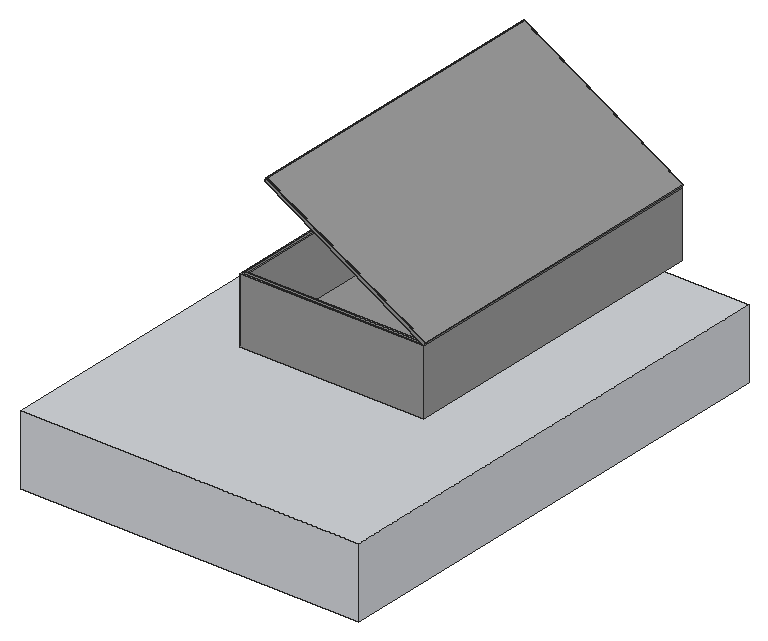
Revit family "Hager-Orion_Inox-IP66-D300-Cl.I-Inox_encl-630A-1400mm-PL-en", category Equipement électrique, Revit 2020
Family settings
  Hôte = Face
  Configuration du panneau = Deux colonnes, circuits au sein
  Cote de connecteur circulaire = Utiliser le diamètre
  Type d'élément = Tableau de raccordement
  Couper avec des vides une fois chargée = Non
  Partagée = Non
  Point de calcul de pièce = Non
Parameters (values of type "Surface mounted (plaster) IP66 W800 H1400 D300  - FL049BWL")
  Width Control [instance] = if([EF000008 - Width] > Min Width, [EF000008 - Width], Min Width)  # 800 mm
  Commentaires du type = [HG000003 - Range]  # "Orion Inox"
  Thickness Door [instance] = if([EF009171 - Material plate thickness door/cover] > 3 mm, 3 mm, [EF009171 - Material plate thickness door/cover])  # 1.5 mm
  Seal Frame Offset [instance] = 17 mm  # constant formula
  Model = ""
  Min Width [instance] = 100 mm  # constant formula
  Min Height [instance] = 100 mm  # constant formula
  Min Depth [instance] = (2 * [EF009170 - Material plate thickness cabinet]) + 1 mm  # 4 mm
  Internal Frame Depth [instance] = (Door System Depth * 0.5)  # 9 mm
  Height Control [instance] = if([EF000040 - Height] > Min Height, [EF000040 - Height], Min Height)  # 1400 mm
  HG000027 - Plinth height = 0 mm
  HG000026 - Floor standing = no
  HG000024 - Bottom section height = 800 mm
  HG000023 - Double section enclosure = no
  HG000016 - Door 3d visibility [instance] = yes
  HG000015 - Clearance visibility [instance] = no
  HG000014 - Door on the right [instance] = yes
  HG000013 - Door on the left [instance] = not([HG000014 - Door on the right])  # no
  HG000012 - Door swing angle [instance] = 30.00°
  HG000010 - Asymmetric doors = no
  HG000009 - Double swing door = no
  HG000006 - Flush mounted = no
  HG000004 - Manufacturer reference = "FL049BWL"
  HG000003 - Range = "Orion Inox"
  HG000002 - With door or cover = yes
  Frame Offset Bottom [instance] = 10 mm  # constant formula
  Frame Offset [instance] = 15 mm  # constant formula
  EF015940 - Cover with overpressure release = no
  EF011959 - Degree of protection (NEMA) = ""
  EF009554 - Number of openings for flange plates = 0
  EF009212 - Cover model = "EV000116 - Closed"
  EF009171 - Material plate thickness door/cover = 1.5 mm
  EF009170 - Material plate thickness cabinet = 1.5 mm
  Fabricant = "Hager"  # constant formula
  EF008873 - Nominal current (In) = 630 A
  EF007800 - Suitable for lightning protection = no
  EF006306 - With lock = yes
  EF006244 - Transparent cover/door = no
  EF005474 - Degree of protection (IP) = "EV006422 - IP66"
  EF004464 - Type of door = "EV002646 - Single"
  EF004427 - Number of modules = 0
  EF004293 - Impact strength = "EV008784 - IK10"
  EF003532 - Suitable for outdoor use = yes
  EF002950 - Width in number of modular spacings = 0
  EF001613 - Circuit integrity = "EV000494 - None"
  EF001596 - Material housing = "EV000166 - Stainless steel"
  EF001131 - Internal depth = 266 mm
  EF001088 - Extension possible = yes
  EF000437 - Number of conduit inlets = 0
  EF000339 - Type of cover = "EV004216 - Door"
  EF000266 - Number of rows = 0
  EF000218 - Built-in depth = 0 mm
  EF000118 - With mounting plate = no
  EF000116 - RAL-number = ""
  EF000049 - Depth = 300 mm
  EF000040 - Height = 1400 mm
  EF000008 - Width = 800 mm
  EF000007 - Colour = "EV000154 - Other"
  EF000003 - Mounting method = "EV000384 - Surface mounted (plaster)"
  Door System Leaf Tolerance [instance] = 1.5 mm  # constant formula
  Door System Depth [instance] = 18 mm  # constant formula
  Depth Control [instance] = if([EF000049 - Depth] > Min Depth, [EF000049 - Depth], Min Depth)  # 300 mm
  Default Elevation = 0 mm
Types (2, lengths in mm): name | HG000004 - Manufacturer reference
  Surface mounted (plaster) IP66 W800 H1400 D300  - FL049BW | "FL049BW"
  Surface mounted (plaster) IP66 W800 H1400 D300  - FL049BWL | "FL049BWL"
Reference planes
  plane 1 "Center (Front/Back)": y = 0
  plane 2: z = 0
  plane 3 "Center (Left/Right)": x = 0
  plane 4: z = 300
  plane 5: y = 1.5
  plane 6: y = 700
  plane 7: y = 0
  plane 8: y = 1400
  plane 9: z = 0
  plane 10: x = -385
  plane 11: x = 385
  plane 12: x = 383.5
  plane 13: x = -383.5
  plane 14: y = 1398.5
  plane 15: x = -383
  plane 16: x = -400
  plane 17: x = 383
  plane 18: x = 400
  plane 19: x = 398.5
  plane 20: x = -398.5
  plane 21: y = 11.5
  plane 22: y = 1400
  plane 23: y = 1383.5
  plane 24: z = 282
  plane 25: z = 1.5
  plane 26: z = 280.5
  plane 27: z = 298.5
Forms (mm)
  Extrusion 1, solid
    sketch origin (0, 0, 0) x (1, 0, 0) y (0, 1, 0)
      loop
        line (-702.964, 1305) -> (-702.964, -811.445) -> (766.763, -811.445) -> (766.763, 1305) -> (-702.964, 1305)
    from 0 to -304.8
  Extrusion 2, solid, material "Hager_Stainless_Steel", detail levels medium+fine
    sketch origin (0, 0, 0) x (1, 0, 0) y (0, 1, 0)
      loop
        line (-400, 0) -> (400, 0) -> (400, 1400) -> (-400, 1400) -> (-400, 0)
    from 0 to 282
  Extrusion 3, solid, material "Hager_Steel_RAL 7035_Light_Grey", not visible, detail levels medium+fine
    sketch origin (0, 28.16, 50.802) x (0, 1, 0) y (0, 0, 1)
      loop
        line (723.34, -50.802) -> (723.34, 237.698)
        arc (723.34, 237.698) -> (720.411, 244.769) -> (713.34, 247.698) r 10
        line (713.34, 247.698) -> (683.34, 247.698) -> (683.34, -50.802) -> (723.34, -50.802)
    from -398.5 to 398.5
  Extrusion 4, void
    sketch origin (0, 0, 0) x (1, 0, 0) y (0, 1, 0)
      loop
        line (-398.5, 1.5) -> (398.5, 1.5) -> (398.5, 1398.5) -> (-398.5, 1398.5) -> (-398.5, 1.5)
    from 1.5 to 280.5
  Extrusion 5, void
    sketch origin (-381.607, -4572, 282) x (0, -1, 0) y (-1, 0, 0)
      loop
        line (-4583.5, 1.893) -> (-5955.5, 1.893) -> (-5955.5, -765.107) -> (-4583.5, -765.107) -> (-4583.5, 1.893)
    from 0 to 1.5 <- "EF009170 - Material plate thickness cabinet"
  Extrusion 6, solid, material "Hager_Stainless_Steel", detail levels fine
    sketch origin (-381.607, -4572, 282) x (-1, 0, 0) y (0, -1, 0)
      loop
        line (1.893, -4583.5) -> (-765.107, -4583.5) -> (-765.107, -5955.5) -> (1.893, -5955.5) -> (1.893, -4583.5)
      loop
        line (2.893, -4582) -> (-766.107, -4582) -> (-766.107, -5957) -> (2.893, -5957) -> (2.893, -4582)
    from 0 to 9 <- "Internal Frame Depth"
  Extrusion 7, solid, material "Hager_Stainless_Steel", detail levels coarse
    sketch origin (0, 0, 0) x (1, 0, 0) y (0, 1, 0)
      loop
        line (-400, 0) -> (400, 0) -> (400, 1400) -> (-400, 1400) -> (-400, 0)
    from 0 to 300
Cuts and joins
  Extrusion 4, Extrusion 5 cuts Extrusion 2
Lines and regions (mm)
  Masking region 1
    outline origin (0, 0, 0) x (1, 0, 0) y (0, 0, 1)
      loop
        line (-400, 300) -> (-400, 0) -> (400, 0) -> (400, 300) -> (-400, 300)
  Masking region 2, detail levels medium+fine
    outline origin (0, 140, 0) x (0, 1, 0) y (0, 0, 1)
      loop
        line (-140, 0) -> (1260, 0) -> (1260, 282) -> (-140, 282) -> (-140, 0)
  Masking region 3, not visible, detail levels medium+fine
    outline origin (0, 297.922, 0) x (0, 1, 0) y (0, 0, 1)
      loop
        line (413.578, 0) -> (453.578, 0) -> (453.578, 288.5)
        arc (453.578, 288.5) -> (450.649, 295.571) -> (443.578, 298.5) r 10
        line (443.578, 298.5) -> (413.578, 298.5) -> (413.578, 0)
  Masking region 4, detail levels coarse
    outline origin (0, 0, 180) x (0, 1, 0) y (0, 0, 1)
      loop
        line (0, -180) -> (1400, -180) -> (1400, 120) -> (0, 120) -> (0, -180)
  Masking region 5
    outline origin (-381.607, -4572, 282) x (-1, 0, 0) y (0, -1, 0)
      loop
        line (18.393, -5972) -> (18.393, -4572) -> (-781.607, -4572) -> (-781.607, -5972) -> (18.393, -5972)
Dimensions and locks
  "Depth Control": plane 4 to Extrusion 1
  "EF009170 - Material plate thickness cabinet": plane 5 to plane 7
  locked: connector elem to plane 3 "Center (Left/Right)"
  equal spacing: plane 8, plane 6, plane 7
  locked: connector elem to plane 6
  "EF009170 - Material plate thickness cabinet": plane 8 to plane 14
  "EF009170 - Material plate thickness cabinet": plane 10 to plane 13
  "EF009170 - Material plate thickness cabinet": plane 12 to plane 11
  "Frame Offset": plane 20 to plane 13
  "Frame Offset": plane 12 to plane 19
  "EF009170 - Material plate thickness cabinet": plane 16 to plane 20
  "EF009170 - Material plate thickness cabinet": plane 19 to plane 18
  "Seal Frame Offset": plane 16 to plane 15
  "Seal Frame Offset": plane 17 to plane 18
  "Frame Offset Bottom": plane 21 to plane 5
  "Frame Offset": plane 14 to plane 23
  equal spacing: plane 16, plane 3 "Center (Left/Right)", plane 18
  "Width Control": plane 16 to plane 18
  "EF009170 - Material plate thickness cabinet": plane 4 to plane 27
  "EF009170 - Material plate thickness cabinet": plane 24 to plane 26
  "EF009170 - Material plate thickness cabinet": plane 25 to level
  "Door System Depth": plane 4 to plane 24
  "Height Control": plane 1 "Center (Front/Back)" to Extrusion 7 sketch curve
  "Height Control": Masking region 4 sketch curve to plane 1 "Center (Front/Back)"
  "Thickness Door": Extrusion 6 sketch curve to plane 15
  "Thickness Door": plane 21 to Extrusion 6 sketch curve
  "Thickness Door": plane 17 to Extrusion 6 sketch curve
  "Thickness Door": Extrusion 6 sketch curve to plane 23
  "Height Control": plane 1 "Center (Front/Back)" to plane 22
  radius of Masking region 3 sketch curve = 10 mm
  radius of Extrusion 3 sketch curve = 10 mm
  aligned and locked: plane 2 to Extrusion 1
  aligned and locked: level to Extrusion 1
  aligned and locked: level to Masking region 1 sketch curve
  aligned and locked: Masking region 1 sketch curve to plane 18
  aligned and locked: Masking region 1 sketch curve to plane 16
  aligned and locked: plane 7 to Masking region 2 sketch curve
  aligned and locked: level to Masking region 3 sketch curve
  aligned and locked: Masking region 3 sketch curve to plane 27
  aligned and locked: level to Masking region 2 sketch curve
  aligned and locked: Extrusion 2 sketch curve to plane 7
  aligned and locked: plane 16 to Extrusion 2 sketch curve
  aligned and locked: plane 18 to Extrusion 2 sketch curve
  aligned and locked: Extrusion 3 sketch curve to level
  aligned and locked: plane 27 to Extrusion 3 sketch curve
  aligned and locked: plane 20 to Extrusion 3
  aligned and locked: plane 19 to Extrusion 3
  aligned and locked: plane 20 to Extrusion 4 sketch curve
  aligned and locked: plane 19 to Extrusion 4 sketch curve
  aligned and locked: Extrusion 4 sketch curve to plane 5
  aligned and locked: Extrusion 4 to plane 25
  aligned and locked: plane 26 to Extrusion 4
  aligned and locked: plane 24 to Extrusion 2
  aligned and locked: Extrusion 5 sketch curve to plane 21
  aligned and locked: Extrusion 5 sketch curve to plane 13
  aligned and locked: Extrusion 5 sketch curve to plane 12
  aligned and locked: plane 18 to Extrusion 7 sketch curve
  aligned and locked: plane 1 "Center (Front/Back)" to Extrusion 7 sketch curve
  aligned and locked: plane 16 to Extrusion 7 sketch curve
  aligned and locked: plane 4 to Extrusion 7
  aligned and locked: Extrusion 7 to level
  aligned and locked: level to Masking region 4 sketch curve
  aligned and locked: Masking region 4 sketch curve to plane 1 "Center (Front/Back)"
  aligned and locked: Masking region 4 sketch curve to plane 4
  aligned and locked: nested 1 to level
  aligned and locked: nested 1 to plane 16
  aligned and locked: plane 8 to Extrusion 2 sketch curve
  aligned and locked: plane 23 to Extrusion 5 sketch curve
  aligned and locked: plane 14 to Extrusion 4 sketch curve
  aligned and locked: Extrusion 6 sketch curve to plane 21
  aligned and locked: plane 13 to Extrusion 6 sketch curve
  aligned and locked: plane 23 to Extrusion 6 sketch curve
  aligned and locked: plane 12 to Extrusion 6 sketch curve
  aligned and locked: Masking region 2 sketch curve to plane 8
  aligned and locked: Masking region 2 sketch curve to plane 24
  aligned and locked: nested 2 to plane 3 "Center (Left/Right)"
  aligned and locked: nested 2 to plane 24
  aligned and locked: Masking region 5 sketch curve to plane 1 "Center (Front/Back)"
  aligned and locked: Masking region 5 sketch curve to plane 18
  aligned and locked: Masking region 5 sketch curve to plane 22
  aligned and locked: Masking region 5 sketch curve to plane 16
  aligned and locked: plane 8 to plane 22
  aligned and locked: plane 7 to plane 1 "Center (Front/Back)"
  aligned and locked: nested 2 to plane 1 "Center (Front/Back)"
Automatic sketch dimensions
  Extrusion 1 sketch curve to Extrusion 1 sketch curve = 1469.727 mm
  Extrusion 1 sketch curve to Extrusion 1 sketch curve = 2116.445 mm
  plane 6 to Masking region 3 sketch curve = 11.5 mm
  Masking region 3 sketch curve to Masking region 3 sketch curve = 30 mm
  plane 6 to Extrusion 3 sketch curve = 11.5 mm
  Extrusion 3 sketch curve to Extrusion 3 sketch curve = 30 mm
  Masking region 1 sketch curve to plane 4 = 0 mm
Nested families
  nested 1: "Hager_Enclosure_Symbol" at (-400, 0, 0) x (1, 0, 0) z (0, -1, 0), Height <- "Depth Control", Width <- "Width Control", type "Hager_Enclosure_Symbol"
    with Width_Ctrl 800 mm, Width 800 mm, Height_Ctrl 300 mm, Height 300 mm, A_Width_Int 19.688 mm, A_Width 236.25 mm, A_Height_Ctrl 262.5 mm, A_Height 262.5 mm
  nested 2: "EC000058_OrionInox_Door" at (0, 1400, 282) x (1, 0, 0) z (0, -1, 0), Leaf_Tolerance <- "Door System Leaf Tolerance", Angle <- "HG000012 - Door swing angle", Door_Depth <- "Door System Depth", Door_Left <- "HG000013 - Door on the left", Transparent <- "EF006244 - Transparent cover/door", Assymetrical <- "HG000010 - Asymmetric doors", Width <- "Width Control", Clearance <- "HG000015 - Clearance visibility", Double <- "HG000009 - Double swing door", 3d_Door <- "HG000016 - Door 3d visibility", Width_Ctrl <- "Width Control", Door_Right <- "HG000014 - Door on the right", Door <- "HG000002 - With door or cover", Height <- "Height Control", Thickness <- "Thickness Door", type "EC000058_OrionInox_Door", detail levels medium+fine
    with min_wh 4 mm, Width_Ctrl 800 mm, Width 800 mm, Transparent no, Thickness 1.5 mm, Seal_Material Hager_Rubber, Leaf_Width 800 mm, Leaf_Tolerance_External_Sides 0 mm, Leaf_Tolerance 1.5 mm, Leaf_Offset 0 mm, Leaf_Height 1397 mm, Leaf_2_Width 800 mm, Leaf_2_Offset 400 mm, Leaf_1_Width 800 mm, Leaf_1_Offset 400 mm, Height_Ctrl 1400 mm, Height 1400 mm, Glass_Material Hager_Glass, Double_Clearance_Ctrl no, Double no, Door_Right_Ctrl yes, Door_Right yes, Door_Material Hager_Stainless_Steel, Door_Left_Ctrl no, Door_Left no, Door_Depth 18 mm, Door yes, Clearance_Material Hager_Clearance, Clearance_Depth 800 mm, Clearance_Ctrl no, Clearance no, Assymetrical no, Angle 30.00°, 3d_Door yes
Connectors
  electrical at (0, 700, 0)
    settings: on plane 9, index 1, voltage 0 V, apparent load 0 VA, apparent load phase1 0 VA, apparent load phase2 0 VA, apparent load phase3 0 VA, power factor 1, load classification "Other", number of poles 1, system type 30, power factor state 1, is connector primary yes, connector utility no, sub classification motor no, connector description ""
Definition of nested family "EC000058_OrionInox_Door"
  Parameters (values of type "EC000058_OrionInox_Door")
    min_wh [instance] = (2 * Thickness) + 1 mm  # 11 mm
    Width_Ctrl [instance] = 400 mm
    Width [instance] = 500 mm
    Transparent [instance] = yes
    Thickness [instance] = 5 mm
    Seal_Material [instance] = none
    Leaf_Width [instance] = if((Width_Ctrl - 2 * Leaf_Tolerance_External_Sides) > 0 mm, (Width_Ctrl - 2 * Leaf_Tolerance_External_Sides), min_wh)  # 400 mm
    Leaf_Tolerance_External_Sides [instance] = 0 mm  # constant formula
    Leaf_Tolerance [instance] = 1.5 mm
    Leaf_Offset [instance] = 0 mm  # constant formula
    Leaf_Height [instance] = if((Height_Ctrl - 2 * Leaf_Tolerance) > 0 mm, (Height_Ctrl - 2 * Leaf_Tolerance), min_wh)  # 497 mm
    Leaf_2_Width [instance] = if(and(and(Double, Assymetrical), Door_Left), (Leaf_Width / 3) - (Leaf_Tolerance / 2), if(and(and(Double, Assymetrical), Door_Right), (Leaf_Width / 3) * 2 - (Leaf_Tolerance / 2), if(and(Double, not(Assymetrical)), (Leaf_Width / 2) - Leaf_Tolerance, Leaf_Width)))  # 400 mm
    Leaf_2_Offset [instance] = if(and(Double, Assymetrical), Leaf_2_Width / 2, if(and(Double, not(Assymetrical)), Leaf_Width / 4, Leaf_Width / 2))  # 200 mm
    Leaf_1_Width [instance] = if(and(and(Double, Assymetrical), Door_Right), (Leaf_Width / 3) - (Leaf_Tolerance / 2), if(and(and(Double, Assymetrical), Door_Left), (Width / 3) * 2 - (Leaf_Tolerance / 2), if(and(Double, not(Assymetrical)), (Leaf_Width / 2) - Leaf_Tolerance, Leaf_Width)))  # 400 mm
    Leaf_1_Offset [instance] = if(and(Double, Assymetrical), Leaf_1_Width / 2, if(and(Double, not(Assymetrical)), Leaf_Width / 4, Leaf_Width / 2))  # 200 mm
    Height_Ctrl [instance] = if(Height > min_wh, Height, min_wh)  # 500 mm
    Height [instance] = 500 mm
    Glass_Material [instance] = none
    Double_Clearance_Ctrl [instance] = and(Double, Clearance)  # no
    Double [instance] = no
    Door_Right_Ctrl [instance] = and(or(Door_Right, Double), Door)  # yes
    Door_Right [instance] = yes
    Door_Material [instance] = none
    Door_Left_Ctrl [instance] = and(or(Door_Left, Double), Door)  # no
    Door_Left [instance] = no
    Door_Depth [instance] = 30 mm
    Door [instance] = yes
    Default Elevation = 1219.2 mm
    Clearance_Material [instance] = none
    Clearance_Depth [instance] = if(Leaf_1_Width > Leaf_2_Width, Leaf_1_Width, Leaf_2_Width)  # 400 mm
    Clearance_Ctrl [instance] = and(not(Double), Clearance)  # yes
    Clearance [instance] = yes
    Assymetrical [instance] = yes
    Angle [instance] = 30.00°
    3d_Door [instance] = yes
  Reference planes
    plane 1 "Center (Front/Back)": y = 0
    plane 2 "Bottom": z = 0
    plane 3 "Center (Left/Right)": x = 0
    plane 4: z = 500
    plane 5: x = -200
    plane 6: x = 200
    plane 7: z = 500
    plane 8: x = -200
    plane 9: z = 0
    plane 10: x = 200
    plane 11: y = 0
    plane 12: z = 1.5
    plane 13: x = -600
    plane 14: y = -400
    plane 15: x = 600
    plane 16: x = 0
    plane 17: x = 0
    plane 18: x = -200
    plane 19: x = 200
    plane 20: z = 498.5
  Forms (mm)
    Extrusion 1, solid, material <- "Clearance_Material", visible <- "Double_Clearance_Ctrl"
      sketch origin (1200, 0, 0) x (1, 0, 0) y (0, 0, -1)
        loop
          line (-1800, -498.5) -> (-600, -498.5) -> (-600, 0) -> (-1800, 0) -> (-1800, -498.5)
      from 0 to -400
  Dimensions and locks
    equal spacing: plane 5, plane 3 "Center (Left/Right)", plane 6
    "Width_Ctrl": plane 5 to plane 6
    "Leaf_Offset": plane 5 to plane 8
    "Leaf_Offset": plane 6 to plane 10
    "Leaf_Offset": plane 9 to level
    "Leaf_Offset": plane 4 to plane 7
    "Height_Ctrl": plane 4 to level
    "Leaf_Tolerance": plane 12 to plane 9
    locked: plane 11 to plane 1 "Center (Front/Back)"
    "Leaf_1_Offset": plane 18 to plane 16
    "Leaf_2_Offset": plane 17 to plane 19
    "Leaf_1_Width": plane 13 to plane 8
    "Leaf_2_Width": plane 10 to plane 15
    "Clearance_Depth": plane 14 to plane 1 "Center (Front/Back)"
    "Leaf_Tolerance_External_Sides": plane 8 to plane 18
    "Leaf_Tolerance_External_Sides": plane 19 to plane 10
    "Leaf_Tolerance": plane 7 to plane 20
    aligned and locked: level to plane 2 "Bottom"
    aligned and locked: nested 1 to plane 16
    aligned and locked: nested 2 to plane 17
    aligned and locked: Extrusion 1 to plane 13
    aligned and locked: plane 15 to Extrusion 1
    aligned and locked: Extrusion 1 to plane 14
    aligned and locked: plane 12 to nested 1
    aligned and locked: nested 2 to plane 12
    aligned and locked: Extrusion 1 to plane 11
    aligned and locked: plane 20 to Extrusion 1
    aligned and locked: nested 2 to plane 11
    aligned and locked: nested 1 to plane 11
  Automatic sketch dimensions
    Extrusion 1 sketch curve to level = 0 mm
    plane 5 to Extrusion 1 sketch curve = 400 mm
    plane 6 to Extrusion 1 sketch curve = 400 mm
    Extrusion 1 sketch curve to plane 4 = 1.5 mm
  Nested families
    nested 1: "EC000058_OrionInox_Door_Leaf" at (0, 0, 1.5), Width <- "Leaf_1_Width", visible <- "Door_Left_Ctrl", Leaf_Height <- "Leaf_Height", Angle <- "Angle", 3d_Door <- "3d_Door", Transparent <- "Transparent", Clearance Material <- "Clearance_Material", Clearance <- "Clearance_Ctrl", Door_Material <- "Door_Material", Glass_Material <- "Glass_Material", Door_Depth <- "Door_Depth", Seal_Material <- "Seal_Material", Thickness <- "Thickness", type "EC000058_OrionInox_Door_Leaf"
      with Width 400 mm, Transparent_Ctrl yes, Transparent yes, Thickness 5 mm, Standard no, Seal_Material none, Seal_D2 8 mm, Seal_D1 1 mm, Offset_Internal_Frame 10 mm, Lock_Width 28 mm, Lock_Thickness 2 mm, Lock_Radius 6 mm, Leaf_Height 497 mm, Internal_Seal_Thickness 8 mm, Internal_Seal_Depth_2 4.5 mm, Internal_Frame_Depth 25 mm, Glass_Thickness -1 mm, Glass_Offset -2 mm, Glass_Material none, Door_Material none, Door_Depth 30 mm, Clearance Material none, Clearance yes, Angle_Ctrl 30.00°, Angle 30.00°, 3d_Door yes
    nested 2: "EC000058_OrionInox_Door_Leaf" at (0, 0, 1.5) x (-1, 0, 0) z (0, 0, 1), Width <- "Leaf_2_Width", visible <- "Door_Right_Ctrl", Leaf_Height <- "Leaf_Height", Angle <- "Angle", 3d_Door <- "3d_Door", Transparent <- "Transparent", Clearance Material <- "Clearance_Material", Clearance <- "Clearance_Ctrl", Door_Material <- "Door_Material", Glass_Material <- "Glass_Material", Door_Depth <- "Door_Depth", Seal_Material <- "Seal_Material", Thickness <- "Thickness", type "EC000058_OrionInox_Door_Leaf"
      with Width 400 mm, Transparent_Ctrl yes, Transparent yes, Thickness 5 mm, Standard no, Seal_Material none, Seal_D2 8 mm, Seal_D1 1 mm, Offset_Internal_Frame 10 mm, Lock_Width 28 mm, Lock_Thickness 2 mm, Lock_Radius 6 mm, Leaf_Height 497 mm, Internal_Seal_Thickness 8 mm, Internal_Seal_Depth_2 4.5 mm, Internal_Frame_Depth 25 mm, Glass_Thickness -1 mm, Glass_Offset -2 mm, Glass_Material none, Door_Material none, Door_Depth 30 mm, Clearance Material none, Clearance yes, Angle_Ctrl 30.00°, Angle 30.00°, 3d_Door yes
  Definition of nested family "EC000058_OrionInox_Door_Leaf"
    Parameters (values of type "EC000058_OrionInox_Door_Leaf")
      Width [instance] = 450 mm
      Transparent_Ctrl [instance] = and(Transparent, [3d_Door])  # yes
      Transparent [instance] = yes
      Thickness [instance] = 5 mm
      Standard [instance] = and(not(Transparent), [3d_Door])  # no
      Seal_Material [instance] = none
      Seal_D2 [instance] = 8 mm  # constant formula
      Seal_D1 [instance] = 1 mm  # constant formula
      Offset_Internal_Frame [instance] = 10 mm  # constant formula
      Lock_Width [instance] = Door_Depth - Lock_Thickness  # 28 mm
      Lock_Thickness [instance] = 2 mm  # constant formula
      Lock_Radius [instance] = 6 mm  # constant formula
      Leaf_Height [instance] = 450 mm
      Internal_Seal_Thickness [instance] = 8 mm  # constant formula
      Internal_Seal_Depth_2 [instance] = 4.5 mm  # constant formula
      Internal_Frame_Depth [instance] = if(Door_Depth - Thickness > 5 mm, Door_Depth - Thickness, 5 mm)  # 25 mm
      Glass_Thickness [instance] = if(Thickness > 15 mm, Glass_Offset + 10 mm, -1 mm)  # -1 mm
      Glass_Offset [instance] = if(Thickness > 15 mm, -(Thickness + 10 mm) / 2, -2 mm)  # -2 mm
      Glass_Material [instance] = none
      Door_Material [instance] = none
      Door_Depth [instance] = 30 mm
      Default Elevation = 0 mm
      Clearance Material [instance] = none
      Clearance [instance] = yes
      Angle_Ctrl [instance] = if(Angle > 180.00°, 180.00°, Angle)  # 90.00°
      Angle [instance] = 90.00°
      3d_Door [instance] = yes
    Reference planes
      plane 1 "Center (Front/Back)": y = 0
      plane 2: z = 0
      plane 3 "Center (Left/Right)": x = 0
      plane 4: y = 450
      plane 5: x = -225
      plane 6: x = 225
      plane 7: x = -675
      plane 8: z = 450
      plane 9: z = 30
      plane 10: z = 420
      plane 11: x = 195
      plane 12: x = -195
      plane 13: y = -3
      plane 14: z = 107.833
      plane 15: y = -5
      plane 16: y = -223.314
      plane 17: x = -225
      plane 18: y = 30
    Forms (mm)
      Extrusion 1, solid, material <- "Clearance Material", visible <- "Clearance"
        sketch origin (0, 0, 0) x (1, 0, 0) y (0, 0, 1)
          loop
            line (-675, 450) -> (-675, 0) -> (225, 0) -> (225, 450) -> (-675, 450)
        from 0 to -450
      Extrusion 2, solid, material <- "Door_Material", visible <- "Standard", detail levels medium+fine
        sketch origin (-225, 0, 0) x (0, 1, 0) y (-1, 0, 0)
          loop
            line (0, 30) -> (0, 25) -> (450, 25) -> (450, 30) -> (0, 30)
        from 0 to 450 <- "Leaf_Height"
      Extrusion 3, solid, material <- "Door_Material", visible <- "Transparent_Ctrl", detail levels medium+fine
        sketch origin (-225, 0, 0) x (0, 1, 0) y (-1, 0, 0)
          loop
            line (0, 25) -> (450, 25) -> (450, 30) -> (0, 30) -> (0, 25)
        from 0 to 450 <- "Leaf_Height"
      Extrusion 4, void
        sketch origin (-250, 450, 0) x (0, 1, 0) y (0, 0, -1)
          loop
            line (-30, -420) -> (-30, -30) -> (-420, -30) -> (-420, -420) -> (-30, -420)
        from 0 to 5 <- "Thickness"
      Sweep 5, solid, material <- "Seal_Material", visible <- "Transparent_Ctrl", detail levels fine
        path in 3D
          loop
            line (-250, 30, 30) -> (-250, 30, 420) -> (-250, 420, 420) -> (-250, 420, 30) -> (-250, 30, 30)
        profile origin (-250, 225, 30) x (1, 0, 0) y (0, 0, 1)
          loop
            line (0, 0) -> (0, -8) -> (1, -8) -> (1, 0) -> (0, 0)
      Extrusion 6, solid, material <- "Glass_Material", visible <- "Transparent_Ctrl", detail levels medium+fine
        sketch origin (-255, 0, 0) x (0, 1, 0) y (0, 0, -1)
          loop
            line (420, -420) -> (420, -30) -> (30, -30) -> (30, -420) -> (420, -420)
        from -2 <- "Glass_Offset" to -1 <- "Glass_Thickness"
      Extrusion 7, solid, material <- "Door_Material", visible <- "3d_Door", detail levels medium+fine
        sketch origin (-250, 450, 0) x (0, -1, 0) y (0, 0, -1)
          loop
            line (0, -450) -> (450, -450) -> (450, 0) -> (0, 0) -> (0, -450)
          loop
            line (445, -5) -> (5, -5) -> (5, -445) -> (445, -445) -> (445, -5)
        from 0 to 25 <- "Internal_Frame_Depth"
      Sweep 8, solid, material <- "Seal_Material", visible <- "Transparent_Ctrl", detail levels fine
        path in 3D
          loop
            line (-250, 0, 0) -> (-250, 450, 0) -> (-250, 450, 450) -> (-250, 0, 450) -> (-250, 0, 0)
        profile origin (-250, 0, 225) x (1, 0, 0) y (0, 1, 0)
          loop
            line (0, 10) -> (2.975, 10)
            arc (2.975, 10) -> (4.053, 10.447) -> (4.5, 11.525) r 1.525
            line (4.5, 11.525) -> (4.5, 16.527)
            arc (4.5, 16.527) -> (4.069, 17.569) -> (3.027, 18) r 1.473
            line (3.027, 18) -> (0, 18) -> (0, 10)
    Cuts and joins
      Extrusion 4 cuts Extrusion 3
    Lines and regions (mm)
      Masking region 1, detail levels medium+fine
        outline origin (0, 0, 0) x (0, 1, 0) y (0, 0, 1)
          loop
            line (0, 0) -> (30, 0) -> (30, 450) -> (0, 450) -> (0, 0)
      Masking region 2, detail levels medium+fine
        outline origin (0, 0, 0) x (1, 0, 0) y (0, 0, 1)
          loop
            line (-225, 450) -> (-225, 0) -> (225, 0) -> (225, 450) -> (-225, 450)
      symbolic lines
        curve 1: line (225, 0, 0) -> (-675, 0, 0)
        curve 2: arc (225, 0, 0) -> (-225, 450, 0) -> (-675, 0, 0) r 450
        curve 4: line (-255, 0, 0) -> (-255, 450, 0)
      reference lines
        curve 3: line (-225, 0, 0) -> (-225, 450, 0)
      symbolic lines, detail levels medium+fine
        curve 5: line (-255, 450, 0) -> (-250, 450, 0)
        curve 7: line (-250, 0, 0) -> (-255, 0, 0)
        curve 8: line (-250, 0, 0) -> (-225, 0, 0)
        curve 9: line (-225, 0, 0) -> (-225, 450, 0)
        curve 10: line (-225, 450, 0) -> (-250, 450, 0)
      symbolic lines, detail levels fine
        curve 6: line (-250, 450, 0) -> (-250, 0, 0)
      sketch lines
        curve 11: line (-250, 0, 450) -> (-250, 0, 0)
        curve 12: line (-250, 450, 0) -> (-250, 0, 0)
        curve 13: line (-250, 450, 450) -> (-250, 450, 0)
        curve 14: line (-250, 0, 450) -> (-250, 450, 450)
        curve 15: line (-250, 420, 30) -> (-250, 30, 30)
        curve 16: line (-250, 30, 30) -> (-250, 30, 420)
        curve 17: line (-250, 420, 420) -> (-250, 420, 30)
        curve 18: line (-250, 30, 420) -> (-250, 420, 420)
      symbolic lines, visible <- "Transparent", detail levels medium+fine
        curve 19: line (-195, 0, 420) -> (195, 0, 420)
        curve 20: line (-195, 0, 30) -> (-195, 0, 420)
        curve 21: line (195, 0, 30) -> (-195, 0, 30)
        curve 22: line (195, 0, 420) -> (195, 0, 30)
    Dimensions and locks
      "Width": plane 1 "Center (Front/Back)" to plane 4
      equal spacing: plane 5, plane 3 "Center (Left/Right)", plane 6
      "Width": plane 5 to plane 6
      "Width": plane 7 to plane 5
      "Leaf_Height": plane 8 to level
      "Width": curve 5 to curve 3
      "Width": curve 3 to curve 3
      plane 8 to plane 10 = 30 mm
      plane 9 to level = 30 mm
      plane 12 to plane 5 = 30 mm
      plane 6 to plane 11 = 30 mm
      Extrusion 4 sketch curve to Extrusion 3 = 30 mm
      Extrusion 3 to Extrusion 4 sketch curve = 30 mm
      Extrusion 1 to Extrusion 4 sketch curve = 30 mm
      curve 3 to Extrusion 4 sketch curve = 30 mm
      Extrusion 4 sketch curve to cut or joined group of Extrusion 3, Extrusion 4 = 30 mm
      cut or joined group of Extrusion 3, Extrusion 4 to Extrusion 6 sketch curve = 30 mm
      cut or joined group of Extrusion 3, Extrusion 4 to Extrusion 4 sketch curve = 30 mm
      "Thickness": curve 6 to curve 4
      "Thickness": Extrusion 7 sketch curve to Extrusion 7 sketch curve  (x4)
      "Door_Depth": curve 4 to curve 3
      "Offset_Internal_Frame": profile plane to Sweep 8 sketch curve
      "Internal_Seal_Thickness": Sweep 8 sketch curve to Sweep 8 sketch curve
      "Internal_Seal_Depth_2": profile plane to Sweep 8 sketch curve
      "Seal_D1": profile plane to Sweep 5 sketch curve
      "Seal_D2": profile plane to Sweep 5 sketch curve
      "Thickness": Extrusion 2 sketch curve to Extrusion 2 sketch curve
      "Door_Depth": plane 18 to plane 1 "Center (Front/Back)"
      radius of Sweep 8 sketch curve = 1.525 mm
      radius of Sweep 8 sketch curve = 1.473 mm
      "Angle_Ctrl": angle plane 1 "Center (Front/Back)" to curve 3
      aligned and locked: level to plane 2
      aligned and locked: Extrusion 1 to curve 1
      aligned and locked: plane 6 to Extrusion 1
      aligned and locked: plane 1 "Center (Front/Back)" to Extrusion 1
      aligned and locked: plane 4 to Extrusion 1
      aligned and locked: plane 8 to Extrusion 1
      aligned and locked: curve 7 to Extrusion 2 sketch curve
      aligned and locked: curve 5 to Extrusion 2 sketch curve
      aligned and locked: curve 7 to Extrusion 3 sketch curve
      aligned and locked: Extrusion 3 sketch curve to curve 4
      aligned and locked: Extrusion 3 sketch curve to curve 6
      aligned and locked: Extrusion 3 sketch curve to curve 5
      aligned and locked: curve 9 to curve 3
      aligned and locked: Extrusion 7 sketch curve to cut or joined group of Extrusion 3, Extrusion 4  (x4)
      aligned and locked: plane 17 to curve 3
      aligned and locked: plane 1 "Center (Front/Back)" to curve 3
      aligned and locked: plane 17 to plane 5
      aligned and locked: Sweep 8 sketch curve to profile plane
      aligned and locked: Sweep 5 sketch curve to profile plane  (x2)
      aligned and locked: plane 1 "Center (Front/Back)" to Masking region 1 sketch curve
      aligned and locked: plane 18 to Masking region 1 sketch curve
      aligned and locked: level to Masking region 1 sketch curve
      aligned and locked: Masking region 1 sketch curve to plane 8
      aligned and locked: plane 17 to Masking region 2 sketch curve
      aligned and locked: level to Masking region 2 sketch curve
      aligned and locked: Masking region 2 sketch curve to plane 8
      aligned and locked: plane 12 to curve 20
      aligned and locked: plane 10 to curve 19
      aligned and locked: plane 11 to curve 22
      aligned and locked: plane 9 to curve 21
      aligned and locked: Extrusion 2 sketch curve to cut or joined group of Extrusion 3, Extrusion 4
    Automatic sketch dimensions
      plane 1 "Center (Front/Back)" to curve 2 = 0 mm
      curve 2 to plane 5 = 0 mm
      Extrusion 1 sketch curve to level = 0 mm
      Extrusion 1 sketch curve to plane 7 = 0 mm
      Extrusion 1 sketch curve to plane 6 = 0 mm
      Extrusion 1 sketch curve to plane 8 = 0 mm
      Extrusion 3 to Extrusion 6 sketch curve = 30 mm  (x4)
      Masking region 2 sketch curve to plane 6 = 0 mm
      curve 4 to curve 3 = 0 mm
Definition of nested family "Hager_Enclosure_Symbol"
  Parameters (values of type "Hager_Enclosure_Symbol")
    Width_Ctrl [instance] = if(Width > 1 mm, Width, 1 mm)  # 102.27 mm
    Width [instance] = 102.27 mm
    Height_Ctrl [instance] = if(Height > 1 mm, Height, 1 mm)  # 66.5 mm
    A_Width_Int [instance] = if(A_Width / 12 > 2 mm, A_Width / 12, 2 mm)  # 4.364 mm
    A_Width [instance] = if(A_Height_Ctrl * 0.9 > 2 mm, A_Height_Ctrl * 0.9, 2 mm)  # 52.369 mm
    A_Height_Ctrl [instance] = if(A_Height > 2 mm, A_Height, 2 mm)  # 58.188 mm
    Height [instance] = 66.5 mm
    A_Height [instance] = Height - (Height / 8)  # 58.188 mm
  Reference planes
    plane 1 "Centre (avant/arrière)": y = 0
    plane 2: z = 0
    plane 3 "Centre (gauche/droite)": x = 0
    plane 4: x = 52.369
    plane 5: y = 33.042
    plane 6: y = 41.77
    plane 7: y = 66.5
    plane 8: x = 26.184
    plane 9: y = 37.406
    plane 10: x = 102.27
    plane 11: y = 66.5
    plane 12: y = 8.313
  Lines and regions (mm)
    Filled region 1, type "Solid_Black", in view "Niveau de réf."
      outline origin (0, 0, 0) x (1, 0, 0) y (0, 1, 0)
        loop
          line (52.369, 66.5) -> (33.188, 54.536) -> (45.365, 45.006) -> (52.369, 66.5)
    Filled region 2, type "Solid_Black", in view "Niveau de réf."
      outline origin (0, 0, 0) x (1, 0, 0) y (0, 1, 0)
        loop
          line (0, 0) -> (102.27, 0) -> (102.27, 66.5) -> (0, 0)
    detail lines, in view "Niveau de réf."
      curve 1: line (0, 8.313, 0) -> (26.184, 41.77, 0)
      curve 2: line (26.184, 41.77, 0) -> (26.184, 33.042, 0)
      curve 3: line (26.184, 33.042, 0) -> (52.369, 66.5, 0)
  Dimensions and locks
    "A_Width": plane 3 "Centre (gauche/droite)" to plane 4
    equal spacing: plane 3 "Centre (gauche/droite)", plane 8, plane 4
    equal spacing: plane 6, plane 9, plane 5
    equal spacing: curve 3, Filled region 1 sketch curve, Filled region 1 sketch curve
    "Height_Ctrl": plane 1 "Centre (avant/arrière)" to plane 11
    "A_Height_Ctrl": plane 11 to plane 12
    equal spacing: plane 11, plane 9, plane 12
    "A_Width_Int": plane 6 to plane 9
    "Width_Ctrl": plane 3 "Centre (gauche/droite)" to plane 10
    angle Filled region 1 sketch curve to curve 3 = 20.00°
    angle curve 3 to Filled region 1 sketch curve = 20.00°
    locked: curve 3 to Filled region 1 sketch curve (angle 90.00°)
    aligned and locked: plane 10 to Filled region 2
    aligned and locked: plane 11 to Filled region 2 sketch curve
    aligned and locked: plane 10 to Filled region 2 sketch curve
    aligned and locked: plane 3 "Centre (gauche/droite)" to curve 1
    aligned and locked: plane 12 to curve 1
    aligned and locked: plane 7 to plane 11
  Automatic sketch dimensions
    Filled region 1 sketch curve to plane 4 = 0 mm
    Filled region 1 sketch curve to plane 7 = 0 mm
    plane 1 "Centre (avant/arrière)" to Filled region 2 sketch curve = 0 mm
    Filled region 2 sketch curve to plane 3 "Centre (gauche/droite)" = 0 mm
    curve 2 to plane 6 = 0 mm
    curve 2 to plane 8 = 0 mm
    curve 3 to plane 4 = 0 mm
    curve 2 to plane 5 = 0 mm
    curve 3 to plane 7 = 0 mm
